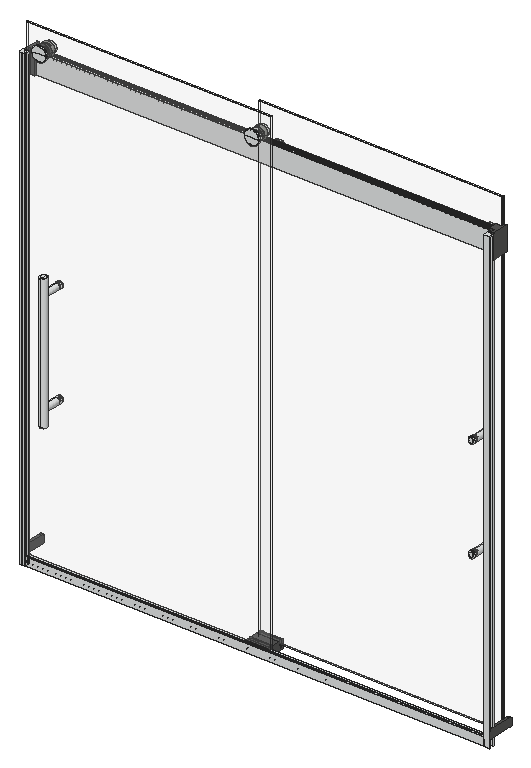
Revit family "Shower-Shower_Door-KOHLER-Levity_Plus-K-702419_1", category Specialty Equipment, host Face, Revit 2022 (continued)
Definition of nested family "K-702419"
  Automatic sketch dimensions
    Masking region 3 sketch curve to Masking region 3 sketch curve = 0.03691"  (x2)
    Masking region 3 sketch curve to Masking region 3 sketch curve = 0.03752"  (x2)
    plane 26 to Masking region 3 sketch curve = 0.07221"
    Masking region 3 sketch curve to Masking region 3 sketch curve = 0.28119"
    Masking region 3 sketch curve to Masking region 3 sketch curve = 0.13364"
    Masking region 3 sketch curve to Masking region 3 sketch curve = 0.31953"
    Masking region 3 sketch curve to Masking region 3 sketch curve = 0.03039"
    Masking region 3 sketch curve to Masking region 3 sketch curve = 0.19685"  (x4)
    Masking region 3 sketch curve to Masking region 3 sketch curve = 0.06723"
    Masking region 3 sketch curve to Masking region 3 sketch curve = 0.01063"
    Masking region 3 sketch curve to Masking region 3 sketch curve = 0.17865"  (x2)
    Masking region 3 sketch curve to Masking region 3 sketch curve = 0.05915"
    Masking region 3 sketch curve to plane 3 "Center (Left/Right)" = 0.34077"  (x2)
    Masking region 3 sketch curve to Masking region 3 sketch curve = 0.9481"  (x2)
    Masking region 3 sketch curve to Masking region 3 sketch curve = 0.02252"
    Masking region 3 sketch curve to Masking region 3 sketch curve = 0.06158"
    plane 7 to Masking region 3 sketch curve = 0.98374"
    Masking region 3 sketch curve to Masking region 3 sketch curve = 0.09468"
    Masking region 3 sketch curve to Masking region 3 sketch curve = 0.01655"
    plane 7 to Masking region 3 sketch curve = 0.32175"
    Masking region 3 sketch curve to Masking region 3 sketch curve = 0.00737"
    plane 26 to Masking region 3 sketch curve = 0.05161"
    Masking region 3 sketch curve to Masking region 3 sketch curve = 0.86748"
    Masking region 3 sketch curve to Masking region 3 sketch curve = 1.14729"
    Masking region 3 sketch curve to Masking region 3 sketch curve = 1.07649"
    plane 7 to Masking region 3 sketch curve = 0.32153"
    Masking region 3 sketch curve to Masking region 3 sketch curve = 0.02618"
    Masking region 3 sketch curve to Masking region 3 sketch curve = 0.18895"
    Masking region 3 sketch curve to Masking region 3 sketch curve = 0.38679"
    Masking region 3 sketch curve to Masking region 3 sketch curve = 0.59804"
    Masking region 3 sketch curve to plane 15 = 0.53612"
    Masking region 3 sketch curve to Masking region 3 sketch curve = 0.14985"
    Masking region 3 sketch curve to plane 11 "B" = 0.37476"
    plane 11 "B" to Masking region 3 sketch curve = 1/4"
    Masking region 3 sketch curve to Masking region 3 sketch curve = 0.11233"
    Masking region 3 sketch curve to Masking region 3 sketch curve = 0.11712"
    Masking region 3 sketch curve to plane 3 "Center (Left/Right)" = 0.06152"
    Masking region 3 sketch curve to plane 8 = 0.21183"
    Masking region 3 sketch curve to plane 8 = 0.20841"
    plane 7 to Masking region 3 sketch curve = 0.77715"
    curve 103 to curve 156 = 0.17249"
    curve 105 to curve 103 = 0.21059"
    plane 7 to curve 101 = 0.28818"
    plane 7 to curve 100 = 0"
    curve 101 to curve 102 = 0.03335"
    radius of Extrusion 27 sketch curve = 0.3937"  (x2)
    radius of Extrusion 28 sketch curve = 0.44363"
    radius of curve 68 = 0.93903"
    radius of curve 69 = 0.89273"
    radius of curve 70 = 0.93903"
    radius of curve 71 = 0.89273"
    radius of curve 94 = 0.3937"
    radius of curve 95 = 0.3937"
    radius of curve 155 = 0.3885"
    radius of curve 223 = 0.3885"
Types (5): name | Type | Model | Finish
  (no name) | 1 | "K-702419-L-SHP" | Kohler-Metal-SHP-Bright_Polished_Silver
  SHP-Bright Polished Silver | 1 | "K-702419-L-SHP" | Kohler-Metal-SHP-Bright_Polished_Silver
  BNK-Anodized Brushed Nickel | 2 | "K-702419-L-BNK" | Kohler-Metal-BNK-Anodized_Brushed_Nickel
  BL-Matte Black | 3 | "K-702419-L-BL" | Kohler-Metal-BL-Matte_Black
  2MB-Vibrant Brushed Moderne Brass | 4 | "K-702419-L-2MB" | Kohler-Metal-2MB-Vibrant_Brushed_Moderne_Brass
